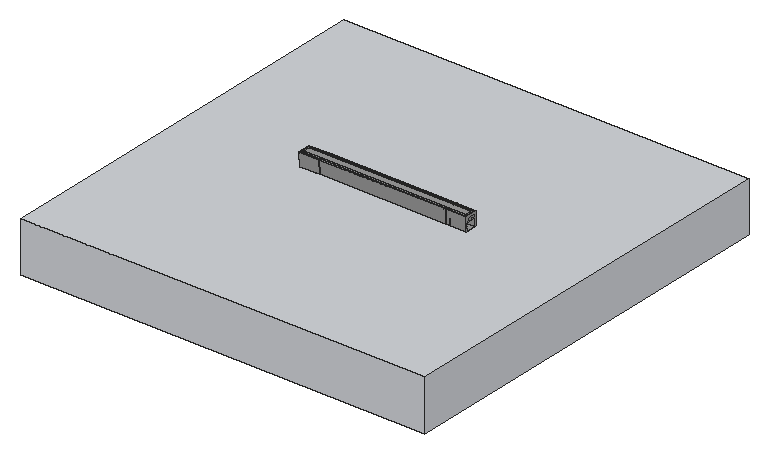
Revit family "LAMP_BAZZ AIR OPAL", category Modelos genéricos, Revit 2018
Family settings
  Anfitrión = Cara
  Puede alojar armadura = No
  Cota de conector redondo = Diámetro de uso
  Tipo de pieza = Normal
  Corte con vacíos al cargar = No
  Compartido = No
  Punto de cálculo de habitación = No
Parameters (values of type "1490LM 3000 1M")
  Weight = 3.58 kg
  Type = "MID POWER SAMSUNG"
  Tilting [instance] = 90.00°
  Protection rating = "IP67 / IK10"
  Product datasheet = "http://www.lamp.es/product-files/TECH/BZ1SF100MOOP830NB-EN.pdf"
  Product code = "BZ1SF100MOOP830NB"
  Product URL = "http://www.lamp.es/en/family/bazz_33498"
  Power Supply = "220-240V 50/60Hz"
  Power = 31 W
  Plum = 35.2 W
  Photometric web file = Bazz air opal - base : 1490LM 3000 1M
  Modelo = Product code  # "BZ1SF100MOOP830NB"
  Model explanation = "Availability of tilting between 0º and 90º when placed in a project."
  Manufacturer name = "LAMP"
  Manufacturer country = "Spain"
  Manufacturer URL = "http://www.lamp.es/en"
  MacAdam = "<3"
  Luminaire type = "Outdoor -Recessed luminaire"
  Last update = "17/02/2022"
  Lamp = "MID-POWER LED"
  LED Lifetime = "50.000 L80"
  Insulation class = "I"
  Installation instructions = "http://www.lamp.es/product-files/INS/1003880-C-INSTR.%20DE%20MONTAJE%20BAZZ.pdf"
  Initial intensity = 1484 lm
  Initial color = 3000 K
  IEE = ""
  Height = 84 mm
  Gear = "Electronic"
  Finish = "Anodized matte black"
  Fabricante = Manufacturer name  # "LAMP"
  Default Elevation = 1219.2 mm
  Efficacy = 42.2 lm/W
  Dist. Rótula = 403 mm
  Dimensions = "1043x106x84"
  Descripción = "BAZZ AIR OPAL 1M 4200 WW BK."
  Comentarios de tipo = Model explanation  # "Availability of tilting between 0º and 90º when placed in a project."
  CRI = "80"
Types (4, lengths in mm): name | Weight | Product datasheet | Product code | Power | Plum | Photometric web file | Modelo | Initial intensity | Initial color | Efficacy | Descripción
  1490LM 3000 1M | 3.58 kg | "http://www.lamp.es/product-files/TECH/BZ1SF100MOOP830NB-EN.pdf" | "BZ1SF100MOOP830NB" | 31 W | 35.2 W | Bazz air opal - base : 1490LM 3000 1M | "BZ1SF100MOOP830NB" | 1484 lm | 3000 K | 42.2 lm/W | "BAZZ AIR OPAL 1M 4200 WW BK."
  1565LM 4000 1M | 3.58 kg | "http://www.lamp.es/product-files/TECH/BZ1SF100MOOP840NB-EN.pdf" | "BZ1SF100MOOP840NB" | 31 W | 35 W | Bazz air opal - base : 1565LM 4000 1M | "BZ1SF100MOOP840NB" | 1565 lm | 4000 K | 44.7 lm/W | "BAZZ AIR OPAL 1M 4200 NW BK."
  2980LM 3000 2M | 6.098 kg | "http://www.lamp.es/product-files/TECH/BZ1SF200MOOP830NB-EN.pdf" | "BZ1SF200MOOP830NB" | 63 W | 66 W | Bazz air opal - base : 2980LM 3000 2M | "BZ1SF200MOOP830NB" | 2980 lm | 3000 K | 45.2 lm/W | "BAZZ AIR OPAL 2M 8100 WW BK."
  3129LM 4000 2M | 6.098 kg | "http://www.lamp.es/product-files/TECH/BZ1SF200MOOP840NB-EN.pdf" | "BZ1SF200MOOP840NB" | 63 W | 66 W | Bazz air opal - base : 3129LM 4000 2M | "BZ1SF200MOOP840NB" | 3129 lm | 4000 K | 47.4 lm/W | "BAZZ AIR OPAL 2M 8100 NW BK."
Reference planes
  plane 1 "Centro (Frontal/Posterior)": y = 0
  plane 2: z = 0
  plane 3 "Centro (Izquierda/Derecha)": x = 0
  plane 4: z = 16.6
Forms (mm)
  Extrusion 1, solid
    sketch origin (0, 0, 0) x (1, 0, 0) y (0, 1, 0)
      loop
        line (-1219.2, 1219.2) -> (-1219.2, -1219.2) -> (1219.2, -1219.2) -> (1219.2, 1219.2) -> (-1219.2, 1219.2)
    from 0 to -304.8
Lines and regions (mm)
  reference lines
    curve 1: line (0, 0, 16.6) -> (0, 80, 16.6)
Text (mm)
  text "Any modification of the parameters and properties of the LAMP BIM models must be executed and validated by the LAMP technical department.\nPhone: +34 93 736 68 00\nE-mail: lamp@lamp.es\n\nLAMP reserves the right to modify the technical specifications of its products." at (-18296.741, 16556.777, -9824.287), in view "Preview"
Dimensions and locks
  "Dist. Rótula": nested 1 to plane 3 "Centro (Izquierda/Derecha)"
  "Dist. Rótula": plane 3 "Centro (Izquierda/Derecha)" to nested 2
  "Tilting": angle plane 1 "Centro (Frontal/Posterior)" to curve 1
  aligned and locked: plane 2 to Extrusion 1
  aligned and locked: level to Extrusion 1
  aligned and locked: plane 1 "Centro (Frontal/Posterior)" to curve 1
  aligned and locked: plane 4 to curve 1
Automatic sketch dimensions
  Extrusion 1 sketch curve to Extrusion 1 sketch curve = 2438.4 mm  (x2)
Nested families
  nested 1: "Rotula izq" at (-448.75, 21.5, 0), type "Rotula izq"
  nested 2: "Rotula der" at (459.25, 21.5, 0), type "Rotula der"
  nested 3: "Bazz air opal - base" at (0, 23.75, 1609) x (0, -1, 0) z (0, 0, -1), type <- "Photometric web file", type "1490LM 3000 1M"
Connectors
  electrical at (-502, 23.75, 33.5)
    settings: on nested 3, index 1, voltage 0 V, apparent load 0 VA, apparent load phase1 0 VA, apparent load phase2 0 VA, apparent load phase3 0 VA, power factor 1, load classification "Otro", number of poles 1, system type 31, power factor state 1, is connector primary yes, connector utility no, sub classification motor no, connector description ""
Definition of nested family "Rotula izq"
  Parameters (values of type "Rotula izq")
    Material Rótula = none
    Default Elevation = 1219.2 mm
  Reference planes
    plane 1 "Centro (Frontal/Posterior)": y = 0
    plane 2: z = 0
    plane 3 "Centro (Izquierda/Derecha)": x = 0
  Forms (mm)
    Extrusion 1, solid
      sketch origin (0, 0, 0) x (1, 0, 0) y (0, 1, 0)
        loop
          line (-1219.2, 1219.2) -> (-1219.2, -1219.2) -> (1219.2, -1219.2) -> (1219.2, 1219.2) -> (-1219.2, 1219.2)
      from 0 to -304.8
    Extrusion 2, solid, material <- "Material Rótula"
      sketch origin (-208.193, 143.672, 0) x (-1, 0, 0) y (0, -1, 0)
        loop
          line (-253.943, 172.672) -> (-253.943, 114.672) -> (-165.444, 114.672) -> (-152.943, 127.173) -> (-152.943, 160.171) -> (-165.444, 172.672) -> (-253.943, 172.672)
        loop
          circle (-180.443, 143.672) r 3
        loop
          circle (-225.443, 143.672) r 3
      from 0 to 24.1
    Extrusion 3, void
      sketch origin (0.5, 0, 0) x (-1, 0, 0) y (0, 0, 1)
        loop
          line (56.75, 2) -> (56.75, 24.1) -> (-42.25, 24.1) -> (-42.25, 2) -> (56.75, 2)
        loop
          line (-44.25, 2) -> (-45.25, 2) -> (-45.25, -1) -> (-42.25, -1) -> (-42.25, 0)
          arc (-42.25, 0) -> (-43.664, 0.586) -> (-44.25, 2) r 2
      from -29 to 29
    Extrusion 4, void
      sketch origin (-304.5, 0, 0) x (0, -1, 0) y (0, 0, 1)
        loop
          line (-29, 8) -> (11.295, 8)
          arc (11.295, 8) -> (12.634, 8.514) -> (13.284, 9.791) r 2
          line (13.284, 9.791) -> (14, 16.6)
          arc (14, 16.6) -> (21.5, 24.1) -> (29, 16.6) r 7.5
          line (29, 16.6) -> (29, 25.1) -> (-29, 25.1) -> (-29, 8)
      from -350.25 to -347.25
  Cuts and joins
    Extrusion 3, Extrusion 4 cuts Extrusion 2
  Dimensions and locks
    aligned and locked: plane 2 to Extrusion 1
    aligned and locked: level to Extrusion 1
Definition of nested family "Rotula der"
  Parameters (values of type "Rotula der")
    Material Rótula = none
    Default Elevation = 1219.2 mm
  Reference planes
    plane 1 "Centro (Frontal/Posterior)": y = 0
    plane 2: z = 0
    plane 3 "Centro (Izquierda/Derecha)": x = 0
  Forms (mm)
    Extrusion 1, solid
      sketch origin (0, 0, 0) x (1, 0, 0) y (0, 1, 0)
        loop
          line (-1219.2, 1219.2) -> (-1219.2, -1219.2) -> (1219.2, -1219.2) -> (1219.2, 1219.2) -> (-1219.2, 1219.2)
      from 0 to -304.8
    Extrusion 2, solid, material <- "Material Rótula"
      sketch origin (197.693, -143.672, 0) x (1, 0, 0) y (0, 1, 0)
        loop
          line (-253.943, 172.672) -> (-253.943, 114.672) -> (-165.444, 114.672) -> (-152.943, 127.173) -> (-152.943, 160.171) -> (-165.444, 172.672) -> (-253.943, 172.672)
        loop
          circle (-180.443, 143.672) r 3
        loop
          circle (-225.443, 143.672) r 3
      from 0 to 24.1
    Extrusion 3, void
      sketch origin (-11.001, 0, 0) x (1, 0, 0) y (0, 0, 1)
        loop
          line (56.75, 2) -> (56.75, 24.1) -> (-42.25, 24.1) -> (-42.25, 2) -> (56.75, 2)
        loop
          line (-44.25, 2) -> (-45.25, 2) -> (-45.25, -1) -> (-42.25, -1) -> (-42.25, 0)
          arc (-42.25, 0) -> (-43.664, 0.586) -> (-44.25, 2) r 2
      from -29 to 29
    Extrusion 4, void
      sketch origin (293.999, 0, 0) x (0, 1, 0) y (0, 0, 1)
        loop
          line (-11.295, 8) -> (29, 8) -> (29, 25.1) -> (-29, 25.1) -> (-29, 16.6)
          arc (-29, 16.6) -> (-21.5, 24.1) -> (-14, 16.6) r 7.5
          line (-14, 16.6) -> (-13.284, 9.791)
          arc (-13.284, 9.791) -> (-12.634, 8.514) -> (-11.295, 8) r 2
      from -350.25 to -347.25
  Cuts and joins
    Extrusion 3, Extrusion 4 cuts Extrusion 2
  Dimensions and locks
    aligned and locked: plane 2 to Extrusion 1
    aligned and locked: level to Extrusion 1
Definition of nested family "Bazz air opal - base"
  Parameters (values of type "1490LM 3000 1M")
    Tilt Angle = 90.00°
    Wattage = 35 W
    built-in parameter 1150107 = 3000 (stored number, unit not read)
    built-in parameter 1150110 = 1 (stored number, unit not read)
    built-in parameter 1150109 = 1 (stored number, unit not read)
    built-in parameter 1150112 = 1 (stored number, unit not read)
    built-in parameter 1150113 = 1 (stored number, unit not read)
    built-in parameter 1114218 = 1 (stored number, unit not read)
    built-in parameter 1150137 = (empty or 0)
    built-in parameter 1150132 = 2
    Material serigrafiado = none
    Material marco = none
    Material extremos = none
    Material reflector = none
    Material cuerpo = none
    Material cristal = none
    Material conexion = none
    Long. Tornillos = if(Long. Marco = 2036 mm, 1008 mm, 511.5 mm)  # 511.5 mm
    Long. Vaciado 1 = if(Long. Marco = 2036 mm, 1982 mm, 991 mm)  # 991 mm
    Long. Vaciado 2 = if(Long. Marco = 2036 mm, 2000 mm, 1000 mm)  # 1000 mm
    Long. Serigrafiado Int = if(Long. Marco = 2036 mm, 1966 mm, 985 mm)  # 985 mm
    Long. Serigrafiado = if(Long. Marco = 2036 mm, 1996 mm, 1000 mm)  # 1000 mm
    Long. Reflector = if(Long. Marco = 2036 mm, 990 mm, 495 mm)  # 495 mm
    Long. Marco = 1043 mm
    Long. Extremo 2 = if(Long. Marco = 2036 mm, 878 mm, 382 mm)  # 382 mm
    Long. Extremo 1 = if(Long. Marco = 2036 mm, 878 mm, 382 mm)  # 382 mm
    Long. Cuerpo = if(Long. Marco = 2036 mm, 1756 mm, 764 mm)  # 764 mm
    Long. Cristal = if(Long. Marco = 2036 mm, 1966 mm, 985 mm)  # 985 mm
    built-in parameter 1150105 = 527.15 (stored number, unit not read)
    built-in parameter 1150102 = (empty or 0)
    built-in parameter 1150106 = 5.2715 (stored number, unit not read)
    Lumens = 1491 lm
    Color Filter = 16777215
    built-in parameter 1114217 = 1 (stored number, unit not read)
    built-in parameter 1150139 = (empty or 0)
    Default Elevation = 1219.2 mm
    built-in parameter 1150104 = 3.9577 (stored number, unit not read)
    built-in parameter 1150115 = 1 (stored number, unit not read)
    built-in parameter 1150114 = 1 (stored number, unit not read)
    built-in parameter 1150138 = (empty or 0)
    built-in parameter 1150134 = (empty or 0)
    Dimming Lamp Color Temperature Shift = (empty or 0)
    Photometric Web File = "10241502.ies"
    built-in parameter 1150133 = 10 (stored number, unit not read)
  Types (4, lengths in mm): name | Wattage | built-in parameter 1150107 | Long. Tornillos | Long. Vaciado 1 | Long. Vaciado 2 | Long. Serigrafiado Int | Long. Serigrafiado | Long. Reflector | Long. Marco | Long. Extremo 2 | Long. Extremo 1 | Long. Cuerpo | Long. Cristal | built-in parameter 1150105 | built-in parameter 1150106 | Lumens | built-in parameter 1150104 | built-in parameter 1150134 | Photometric Web File
    1490LM 3000 1M | 35 W | 3000 (stored number, unit not read) | 511.5 | 991 | 1000 | 985 | 1000 | 495 | 1043 | 382 | 382 | 764 | 985 | 527.15 (stored number, unit not read) | 5.2715 (stored number, unit not read) | 1491 lm | 3.9577 (stored number, unit not read) | (empty or 0) | "10241502.ies"
    1565LM 4000 1M | 35 W | 4000 (stored number, unit not read) | 511.5 | 991 | 1000 | 985 | 1000 | 495 | 1043 | 382 | 382 | 764 | 985 | 556.85 (stored number, unit not read) | 5.5685 (stored number, unit not read) | 1575 lm | 4.1806 (stored number, unit not read) | 12 | "10241512.ies"
    2980LM 3000 2M | 66 W | 3000 (stored number, unit not read) | 1008 | 1982 | 2000 | 1966 | 1996 | 990 | 2036 | 878 | 878 | 1756 | 1966 | 1050.2 (stored number, unit not read) | 10.502 (stored number, unit not read) | 2970 lm | 4.1806 (stored number, unit not read) | (empty or 0) | "10241532.ies"
    3129LM 4000 2M | 66 W | 4000 (stored number, unit not read) | 1008 | 1982 | 2000 | 1966 | 1996 | 990 | 2036 | 878 | 878 | 1756 | 1966 | 1096.7 (stored number, unit not read) | 10.967 (stored number, unit not read) | 3102 lm | 4.3664 (stored number, unit not read) | 12 | "10241542.ies"
  Reference planes
    plane 1 "Eje de origen de luz (F/P)": y = 0
    plane 2: z = 0
    plane 3 "Eje de origen de luz (I/D)": x = 0
    plane 4 "Elevación de origen de luz": z = 1540
    plane 5: z = 1520
  Forms (mm)
    Extrusion 1, solid, material <- "Material cuerpo"
      sketch origin (0, 0, 3127) x (-1, 0, 0) y (0, 0, -1)
        loop
          line (-34.7, 1520) -> (34.7, 1520) -> (37.5, 1602) -> (-37.5, 1602) -> (-34.7, 1520)
      from -382 to 382
    Extrusion 2, solid, material <- "Material extremos"
      sketch origin (0, 0, 3127) x (-1, 0, 0) y (0, 0, -1)
        loop
          line (37.5, 1602) -> (-37.5, 1602) -> (-34.7, 1520) -> (34.7, 1520) -> (37.5, 1602)
        loop
          circle (7.68, 1547.25) r 10.25
        loop
          circle (-22.635, 1554.7) r 6.25
      from -502 to -382
    Extrusion 3, void
      sketch origin (0, 0, 3127) x (-1, 0, 0) y (0, 0, -1)
        loop
          line (-33.702, 1564) -> (-32.2, 1520) -> (32.2, 1520) -> (33.702, 1564) -> (-33.702, 1564)
      from -502 to -403
    Extrusion 4, solid, material <- "Material extremos"
      sketch origin (0, 0, 3127) x (-1, 0, 0) y (0, 0, 1)
        loop
          line (37.5, -1602) -> (34.7, -1520) -> (-34.7, -1520) -> (-37.5, -1602) -> (37.5, -1602)
      from -502 to -382
    Extrusion 5, void
      sketch origin (0, 0, 3127) x (-1, 0, 0) y (0, 0, 1)
        loop
          line (-33.702, -1564) -> (33.702, -1564) -> (32.2, -1520) -> (-32.2, -1520) -> (-33.702, -1564)
      from -502 to -403
    Extrusion 6, void
      sketch origin (1091.577, -5000, 1607) x (-1, 0, 0) y (0, -1, 0)
        loop
          line (1056.077, -4500) -> (1056.077, -5500) -> (1127.077, -5500) -> (1127.077, -4500) -> (1056.077, -4500)
      from -82 to -77
    Extrusion 7, void
      sketch origin (1091.577, -5000, 1607) x (-1, 0, 0) y (0, -1, 0)
        loop
          line (1117.077, -5495.5) -> (1117.077, -4504.5) -> (1066.077, -4504.5) -> (1066.077, -5495.5) -> (1117.077, -5495.5)
      from -77 to -62.8
    Extrusion 8, void
      sketch origin (0, 0, 3127) x (-1, 0, 0) y (0, 0, -1)
        loop
          circle (-29.394, 1590.29) r 6.05
        loop
          circle (29.394, 1590.29) r 6.05
      from 500 to 502
    Extrusion 9, void
      sketch origin (0, 0, 3127) x (-1, 0, 0) y (0, 0, -1)
        loop
          circle (29.394, 1590.29) r 6.05
        loop
          circle (-29.394, 1590.29) r 6.05
      from -502 to -500
    Extrusion 10, solid, material <- "Material serigrafiado"
      sketch origin (1359.112, -5000, 1607) x (0, -1, 0) y (-1, 0, 0)
        loop
          line (-5500, 1324.412) -> (-4500, 1324.412) -> (-4500, 1394.612) -> (-5500, 1394.612) -> (-5500, 1324.412)
        loop
          line (-5492.5, 1382.312) -> (-5492.5, 1335.912) -> (-4507.5, 1335.912) -> (-4507.5, 1382.312) -> (-5492.5, 1382.312)
      from 77 to 82
    Extrusion 11, solid, material <- "Material cristal"
      sketch origin (1359.112, -5000, 1607) x (0, -1, 0) y (-1, 0, 0)
        loop
          line (-5492.5, 1335.912) -> (-4507.5, 1335.912) -> (-4507.5, 1382.312) -> (-5492.5, 1382.312) -> (-5492.5, 1335.912)
      from 78 to 82
    Extrusion 12, solid, material <- "Material conexion"
      sketch origin (0, 0, 3127) x (-1, 0, 0) y (0, 0, -1)
        loop
          circle (7.68, 1547.25) r 16.6
      from -426.4 to -403
    Extrusion 13, solid, material <- "Material conexion"
      sketch origin (0, 0, 3127) x (-1, 0, 0) y (0, 0, -1)
        loop
          circle (7.68, 1547.25) r 11.5
        loop
          circle (7.68, 1547.25) r 10.5
        loop
          circle (12.692, 1550.726) r 3.8
        loop
          circle (12.692, 1550.726) r 1.25
        loop
          circle (2.706, 1550.726) r 3.8
        loop
          circle (2.706, 1550.726) r 1.25
        loop
          circle (7.68, 1541.123) r 3.8
        loop
          circle (7.68, 1541.123) r 1.25
      from -434.2 to -426.4
    Extrusion 14, solid, material <- "Material extremos"
      sketch origin (0, 0, 0) x (1, 0, 0) y (0, 0, 1)
        loop
          arc (19.566, 1556.966) -> (19.347, 1557.493) -> (18.82, 1557.711) r 0.745
          line (18.82, 1557.711) -> (14.281, 1557.711)
          arc (14.281, 1557.711) -> (13.831, 1557.567) -> (13.548, 1557.189) r 0.775
          line (13.548, 1557.189) -> (9.008, 1543.993) -> (4.492, 1557.116)
          arc (4.492, 1557.116) -> (4.227, 1557.472) -> (3.805, 1557.607) r 0.727
          line (3.805, 1557.607) -> (0.383, 1557.607)
          arc (0.383, 1557.607) -> (-0.132, 1557.394) -> (-0.345, 1556.878) r 0.729
          line (-0.345, 1556.878) -> (-0.345, 1544.062) -> (-4.299, 1548.016) -> (-8.404, 1543.91) -> (-8.404, 1557.004)
          arc (-8.404, 1557.004) -> (-8.612, 1557.504) -> (-9.112, 1557.711) r 0.708
          line (-9.112, 1557.711) -> (-14.189, 1557.711)
          arc (-14.189, 1557.711) -> (-14.731, 1557.487) -> (-14.955, 1556.945) r 0.766
          line (-14.955, 1556.945) -> (-14.955, 1544.546)
          arc (-14.955, 1544.546) -> (-15.172, 1544.022) -> (-15.695, 1543.805) r 0.74
          line (-15.695, 1543.805) -> (-19.139, 1543.805)
          arc (-19.139, 1543.805) -> (-19.678, 1544.029) -> (-19.901, 1544.568) r 0.762
          line (-19.901, 1544.568) -> (-19.901, 1547.17)
          arc (-19.901, 1547.17) -> (-19.679, 1547.705) -> (-19.144, 1547.927) r 0.758
          line (-19.144, 1547.927) -> (-15.972, 1547.927)
          arc (-15.972, 1547.927) -> (-15.148, 1548.752) -> (-15.972, 1549.576) r 0.824
          line (-15.972, 1549.576) -> (-20.811, 1549.576)
          arc (-20.811, 1549.576) -> (-21.334, 1549.36) -> (-21.55, 1548.837) r 0.739
          line (-21.55, 1548.837) -> (-21.55, 1542.932)
          arc (-21.55, 1542.932) -> (-21.323, 1542.384) -> (-20.774, 1542.157) r 0.776
          line (-20.774, 1542.157) -> (-14.072, 1542.157)
          arc (-14.072, 1542.157) -> (-13.53, 1542.381) -> (-13.306, 1542.923) r 0.766
          line (-13.306, 1542.923) -> (-13.306, 1555.318)
          arc (-13.306, 1555.318) -> (-13.082, 1555.859) -> (-12.54, 1556.084) r 0.766
          line (-12.54, 1556.084) -> (-10.844, 1556.084)
          arc (-10.844, 1556.084) -> (-10.305, 1555.861) -> (-10.082, 1555.322) r 0.762
          line (-10.082, 1555.322) -> (-10.082, 1543.674)
          arc (-10.082, 1543.674) -> (-8.886, 1542.012) -> (-6.93, 1542.618) r 1.753
          line (-6.93, 1542.618) -> (-4.299, 1545.249) -> (-1.668, 1542.618)
          arc (-1.668, 1542.618) -> (0.288, 1542.012) -> (1.484, 1543.674) r 1.753
          line (1.484, 1543.674) -> (1.484, 1555.136)
          arc (1.484, 1555.136) -> (2.274, 1556.069) -> (3.324, 1555.443) r 0.946
          line (3.324, 1555.443) -> (7.531, 1543.21)
          arc (7.531, 1543.21) -> (9.008, 1542.157) -> (10.484, 1543.21) r 1.561
          line (10.484, 1543.21) -> (14.733, 1555.565)
          arc (14.733, 1555.565) -> (15.013, 1555.941) -> (15.46, 1556.084) r 0.768
          line (15.46, 1556.084) -> (17.184, 1556.084)
          arc (17.184, 1556.084) -> (17.702, 1555.869) -> (17.917, 1555.351) r 0.733
          line (17.917, 1555.351) -> (17.917, 1542.893)
          arc (17.917, 1542.893) -> (18.741, 1542.069) -> (19.566, 1542.893) r 0.824
          line (19.566, 1542.893) -> (19.566, 1556.966)
      from 502 to 503
  Cuts and joins
    Extrusion 3, Extrusion 5, Extrusion 6, Extrusion 7, Extrusion 9 cuts Extrusion 2
    Extrusion 5, Extrusion 6, Extrusion 7, Extrusion 8 cuts Extrusion 4
    Extrusion 6, Extrusion 7, Extrusion 8, Extrusion 9 cuts Extrusion 1
  Dimensions and locks
    "Long. Extremo 1": plane 1 "Eje de origen de luz (F/P)" to cut or joined group of Extrusion 2, Extrusion 3, Extrusion 5, Extrusion 6, Extrusion 7, Extrusion 9
    locked: cut or joined group of Extrusion 2, Extrusion 3, Extrusion 5, Extrusion 6, Extrusion 7, Extrusion 9 to cut or joined group of Extrusion 2, Extrusion 3, Extrusion 5, Extrusion 6, Extrusion 7, Extrusion 9 at 120
    locked: Extrusion 12 to Extrusion 12 at 23.4
    locked: Extrusion 12 to cut or joined group of Extrusion 2, Extrusion 3, Extrusion 5, Extrusion 6, Extrusion 7, Extrusion 9 at 99
    locked: Extrusion 13 to Extrusion 13 at 7.8
    locked: cut or joined group of Extrusion 2, Extrusion 3, Extrusion 5, Extrusion 6, Extrusion 7, Extrusion 9 to Extrusion 3 at 21
    locked: Extrusion 9 to Extrusion 9 at 2
    locked: cut or joined group of Extrusion 4, Extrusion 5, Extrusion 6, Extrusion 7, Extrusion 8 to cut or joined group of Extrusion 4, Extrusion 5, Extrusion 6, Extrusion 7, Extrusion 8 at 120
    "Long. Extremo 2": cut or joined group of Extrusion 4, Extrusion 5, Extrusion 6, Extrusion 7, Extrusion 8 to plane 1 "Eje de origen de luz (F/P)"
    locked: Extrusion 5 to cut or joined group of Extrusion 4, Extrusion 5, Extrusion 6, Extrusion 7, Extrusion 8 at 21
    locked: Extrusion 8 to Extrusion 8 at 2
    equal spacing: cut or joined group of Extrusion 1, Extrusion 6, Extrusion 7, Extrusion 8, Extrusion 9, plane 1 "Eje de origen de luz (F/P)", cut or joined group of Extrusion 1, Extrusion 6, Extrusion 7, Extrusion 8, Extrusion 9
    "Long. Cuerpo": cut or joined group of Extrusion 1, Extrusion 6, Extrusion 7, Extrusion 8, Extrusion 9 to cut or joined group of Extrusion 1, Extrusion 6, Extrusion 7, Extrusion 8, Extrusion 9
    equal spacing: Extrusion 10 sketch curve, plane 1 "Eje de origen de luz (F/P)", Extrusion 10 sketch curve  (x2)
    "Long. Serigrafiado": Extrusion 10 sketch curve to Extrusion 10 sketch curve
    equal spacing: Extrusion 7 sketch curve, plane 1 "Eje de origen de luz (F/P)", Extrusion 7 sketch curve
    "Long. Vaciado 1": Extrusion 7 sketch curve to Extrusion 7 sketch curve
    "Long. Serigrafiado Int": Extrusion 10 sketch curve to Extrusion 10 sketch curve
    equal spacing: Extrusion 11 sketch curve, plane 1 "Eje de origen de luz (F/P)", Extrusion 11 sketch curve
    "Long. Cristal": Extrusion 11 sketch curve to Extrusion 11 sketch curve
    equal spacing: Extrusion 6 sketch curve, plane 1 "Eje de origen de luz (F/P)", Extrusion 6 sketch curve
    "Long. Vaciado 2": cut or joined group of Extrusion 2, Extrusion 3, Extrusion 5, Extrusion 6, Extrusion 7, Extrusion 9 to cut or joined group of Extrusion 4, Extrusion 5, Extrusion 6, Extrusion 7, Extrusion 8
    plane 5 to imposter light = 20 mm
    aligned and locked: level to plane 2
    aligned and locked: Extrusion 13 to Extrusion 12
    aligned and locked: cut or joined group of Extrusion 2, Extrusion 3, Extrusion 5, Extrusion 6, Extrusion 7, Extrusion 9 to Extrusion 3
    aligned and locked: cut or joined group of Extrusion 2, Extrusion 3, Extrusion 5, Extrusion 6, Extrusion 7, Extrusion 9 to Extrusion 9
    aligned and locked: cut or joined group of Extrusion 4, Extrusion 5, Extrusion 6, Extrusion 7, Extrusion 8 to Extrusion 5
    aligned and locked: cut or joined group of Extrusion 4, Extrusion 5, Extrusion 6, Extrusion 7, Extrusion 8 to Extrusion 8
    aligned and locked: Extrusion 14 to cut or joined group of Extrusion 4, Extrusion 5, Extrusion 6, Extrusion 7, Extrusion 8
  Automatic sketch dimensions
    plane 5 to Extrusion 1 sketch curve = 5 mm
    plane 3 "Eje de origen de luz (I/D)" to Extrusion 1 sketch curve = 37.5 mm
    plane 3 "Eje de origen de luz (I/D)" to Extrusion 1 sketch curve = 34.7 mm
    Extrusion 1 sketch curve to plane 3 "Eje de origen de luz (I/D)" = 34.7 mm
    Extrusion 1 sketch curve to plane 3 "Eje de origen de luz (I/D)" = 37.5 mm
    Extrusion 1 sketch curve to plane 4 "Elevación de origen de luz" = 67 mm
    plane 5 to Extrusion 2 sketch curve = 5 mm
    plane 3 "Eje de origen de luz (I/D)" to Extrusion 2 sketch curve = 37.5 mm
    plane 3 "Eje de origen de luz (I/D)" to Extrusion 2 sketch curve = 34.7 mm
    plane 3 "Eje de origen de luz (I/D)" to Extrusion 2 sketch curve = 22.635 mm
    Extrusion 2 sketch curve to plane 3 "Eje de origen de luz (I/D)" = 7.68 mm
    Extrusion 2 sketch curve to plane 3 "Eje de origen de luz (I/D)" = 34.7 mm
    Extrusion 2 sketch curve to plane 3 "Eje de origen de luz (I/D)" = 37.5 mm
    Extrusion 2 sketch curve to plane 4 "Elevación de origen de luz" = 32.3 mm
    Extrusion 2 sketch curve to Extrusion 2 sketch curve = 7.45 mm
    Extrusion 2 sketch curve to Extrusion 2 sketch curve = 27.25 mm
    plane 3 "Eje de origen de luz (I/D)" to Extrusion 3 sketch curve = 33.702 mm
    plane 3 "Eje de origen de luz (I/D)" to Extrusion 3 sketch curve = 32.2 mm
    Extrusion 3 sketch curve to plane 3 "Eje de origen de luz (I/D)" = 32.2 mm
    Extrusion 3 sketch curve to plane 3 "Eje de origen de luz (I/D)" = 33.702 mm
    Extrusion 3 sketch curve to plane 4 "Elevación de origen de luz" = 67 mm
    Extrusion 3 sketch curve to plane 4 "Elevación de origen de luz" = 23 mm
    plane 5 to Extrusion 4 sketch curve = 5 mm
    plane 3 "Eje de origen de luz (I/D)" to Extrusion 4 sketch curve = 37.5 mm
    plane 3 "Eje de origen de luz (I/D)" to Extrusion 4 sketch curve = 34.7 mm
    Extrusion 4 sketch curve to plane 3 "Eje de origen de luz (I/D)" = 34.7 mm
    Extrusion 4 sketch curve to plane 3 "Eje de origen de luz (I/D)" = 37.5 mm
    Extrusion 4 sketch curve to plane 4 "Elevación de origen de luz" = 67 mm
    plane 3 "Eje de origen de luz (I/D)" to Extrusion 5 sketch curve = 33.702 mm
    plane 3 "Eje de origen de luz (I/D)" to Extrusion 5 sketch curve = 32.2 mm
    Extrusion 5 sketch curve to plane 3 "Eje de origen de luz (I/D)" = 32.2 mm
    Extrusion 5 sketch curve to plane 3 "Eje de origen de luz (I/D)" = 33.702 mm
    Extrusion 5 sketch curve to plane 4 "Elevación de origen de luz" = 23 mm
    Extrusion 5 sketch curve to Extrusion 5 sketch curve = 44 mm
    plane 3 "Eje de origen de luz (I/D)" to Extrusion 6 sketch curve = 35.5 mm
    Extrusion 6 sketch curve to plane 3 "Eje de origen de luz (I/D)" = 35.5 mm
    plane 4 "Elevación de origen de luz" to Extrusion 8 sketch curve = 3.29 mm  (x2)
    plane 3 "Eje de origen de luz (I/D)" to Extrusion 8 sketch curve = 29.394 mm
    Extrusion 8 sketch curve to plane 3 "Eje de origen de luz (I/D)" = 29.394 mm
    Extrusion 9 sketch curve to Extrusion 9 sketch curve = 0 mm  (x4)
    plane 4 "Elevación de origen de luz" to Extrusion 9 sketch curve = 3.29 mm  (x2)
    plane 3 "Eje de origen de luz (I/D)" to Extrusion 9 sketch curve = 29.394 mm
    Extrusion 9 sketch curve to plane 3 "Eje de origen de luz (I/D)" = 29.394 mm
    Extrusion 9 sketch curve to Extrusion 9 sketch curve = 6.05 mm  (x2)
    Extrusion 12 sketch curve to plane 3 "Eje de origen de luz (I/D)" = 7.68 mm
    Extrusion 12 sketch curve to plane 4 "Elevación de origen de luz" = 39.75 mm
    Extrusion 13 sketch curve to Extrusion 13 sketch curve = 0 mm  (x8)
    Extrusion 13 sketch curve to plane 3 "Eje de origen de luz (I/D)" = 2.706 mm
    Extrusion 13 sketch curve to plane 3 "Eje de origen de luz (I/D)" = 7.68 mm
    Extrusion 13 sketch curve to Extrusion 13 sketch curve = 4.974 mm
    Extrusion 13 sketch curve to Extrusion 13 sketch curve = 5.012 mm
    Extrusion 13 sketch curve to plane 4 "Elevación de origen de luz" = 45.877 mm
    Extrusion 13 sketch curve to Extrusion 13 sketch curve = 6.127 mm
    Extrusion 13 sketch curve to Extrusion 13 sketch curve = 3.476 mm  (x2)
    Extrusion 6 sketch curve to plane 1 "Eje de origen de luz (F/P)" = 500 mm
    Extrusion 14 sketch curve to plane 4 "Elevación de origen de luz" = 2.932 mm
    Extrusion 14 sketch curve to plane 3 "Eje de origen de luz (I/D)" = 21.55 mm
    Extrusion 14 sketch curve to Extrusion 14 sketch curve = 0.739 mm
    Extrusion 14 sketch curve to Extrusion 14 sketch curve = 0.776 mm
    Extrusion 14 sketch curve to Extrusion 14 sketch curve = 0.91 mm
    Extrusion 14 sketch curve to Extrusion 14 sketch curve = 0.758 mm
    Extrusion 14 sketch curve to Extrusion 14 sketch curve = 0.762 mm  (x2)
    Extrusion 14 sketch curve to Extrusion 14 sketch curve = 3.171 mm
    Extrusion 14 sketch curve to Extrusion 14 sketch curve = 3.444 mm
    Extrusion 14 sketch curve to Extrusion 14 sketch curve = 1.018 mm
    Extrusion 14 sketch curve to Extrusion 14 sketch curve = 0.766 mm  (x3)
    Extrusion 14 sketch curve to Extrusion 14 sketch curve = 1.623 mm
    Extrusion 14 sketch curve to Extrusion 14 sketch curve = 1.696 mm
    Extrusion 14 sketch curve to Extrusion 14 sketch curve = 1.732 mm
    Extrusion 14 sketch curve to Extrusion 14 sketch curve = 1.677 mm
    Extrusion 14 sketch curve to Extrusion 14 sketch curve = 0.076 mm  (x2)
    Extrusion 14 sketch curve to plane 4 "Elevación de origen de luz" = 2.618 mm  (x2)
    Extrusion 14 sketch curve to Extrusion 14 sketch curve = 1.399 mm
    Extrusion 14 sketch curve to plane 3 "Eje de origen de luz (I/D)" = 4.299 mm  (x2)
    Extrusion 14 sketch curve to plane 3 "Eje de origen de luz (I/D)" = 1.668 mm
    Extrusion 14 sketch curve to Extrusion 14 sketch curve = 1.323 mm
    Extrusion 14 sketch curve to Extrusion 14 sketch curve = 0.729 mm
    Extrusion 14 sketch curve to Extrusion 14 sketch curve = 1.753 mm
    Extrusion 14 sketch curve to Extrusion 14 sketch curve = 0.946 mm
    Extrusion 14 sketch curve to Extrusion 14 sketch curve = 0.895 mm
    Extrusion 14 sketch curve to Extrusion 14 sketch curve = 0.48 mm
    Extrusion 14 sketch curve to Extrusion 14 sketch curve = 0.688 mm
    Extrusion 14 sketch curve to plane 4 "Elevación de origen de luz" = 3.21 mm  (x2)
    Extrusion 14 sketch curve to Extrusion 14 sketch curve = 6.048 mm
    Extrusion 14 sketch curve to plane 4 "Elevación de origen de luz" = 3.993 mm
    Extrusion 14 sketch curve to Extrusion 14 sketch curve = 1.476 mm
    Extrusion 14 sketch curve to Extrusion 14 sketch curve = 0 mm
    Extrusion 14 sketch curve to Extrusion 14 sketch curve = 9.055 mm
    Extrusion 14 sketch curve to Extrusion 14 sketch curve = 0.733 mm
    Extrusion 14 sketch curve to Extrusion 14 sketch curve = 0.453 mm
    Extrusion 14 sketch curve to Extrusion 14 sketch curve = 0.727 mm  (x2)
    Extrusion 14 sketch curve to Extrusion 14 sketch curve = 1.725 mm
    Extrusion 14 sketch curve to plane 4 "Elevación de origen de luz" = 2.893 mm
    Extrusion 14 sketch curve to Extrusion 14 sketch curve = 7.433 mm
    Extrusion 14 sketch curve to Extrusion 14 sketch curve = 0.824 mm  (x2)
    Extrusion 14 sketch curve to Extrusion 14 sketch curve = 0.745 mm
    Extrusion 14 sketch curve to Extrusion 14 sketch curve = 0.276 mm
    Extrusion 14 sketch curve to Extrusion 14 sketch curve = 0.883 mm
    Extrusion 14 sketch curve to Extrusion 14 sketch curve = 0.236 mm
    Extrusion 14 sketch curve to Extrusion 14 sketch curve = 0.387 mm
    Extrusion 14 sketch curve to Extrusion 14 sketch curve = 2.602 mm
    Extrusion 14 sketch curve to Extrusion 14 sketch curve = 7.12 mm
    Extrusion 14 sketch curve to Extrusion 14 sketch curve = 0.128 mm
    Extrusion 14 sketch curve to Extrusion 14 sketch curve = 5.741 mm
    Extrusion 14 sketch curve to Extrusion 14 sketch curve = 0.036 mm
    Extrusion 14 sketch curve to Extrusion 14 sketch curve = 1.743 mm
    Extrusion 14 sketch curve to Extrusion 14 sketch curve = 1.371 mm
    Extrusion 14 sketch curve to Extrusion 14 sketch curve = 1.628 mm
    Extrusion 14 sketch curve to Extrusion 14 sketch curve = 1.615 mm
    plane 3 "Eje de origen de luz (I/D)" to Extrusion 7 sketch curve = 25.5 mm
    Extrusion 7 sketch curve to plane 3 "Eje de origen de luz (I/D)" = 25.5 mm
    Extrusion 10 sketch curve to plane 3 "Eje de origen de luz (I/D)" = 35.5 mm
    Extrusion 10 sketch curve to Extrusion 10 sketch curve = 12.3 mm
    plane 3 "Eje de origen de luz (I/D)" to Extrusion 10 sketch curve = 23.2 mm
    Extrusion 10 sketch curve to Extrusion 10 sketch curve = 11.5 mm
    Extrusion 11 sketch curve to plane 3 "Eje de origen de luz (I/D)" = 23.2 mm
    plane 3 "Eje de origen de luz (I/D)" to Extrusion 11 sketch curve = 23.2 mm
    radius of Extrusion 2 sketch curve = 10.25 mm
    radius of Extrusion 2 sketch curve = 6.25 mm
    radius of Extrusion 8 sketch curve = 6.05 mm  (x2)
    radius of Extrusion 12 sketch curve = 16.6 mm
    radius of Extrusion 13 sketch curve = 11.5 mm
    radius of Extrusion 13 sketch curve = 10.5 mm
    radius of Extrusion 13 sketch curve = 3.8 mm  (x3)
    radius of Extrusion 13 sketch curve = 1.25 mm  (x3)
